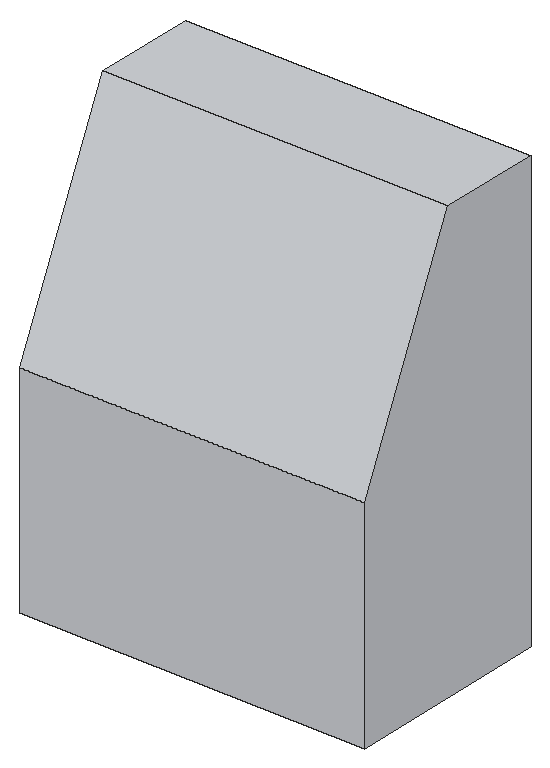
Revit family "01451-B", category Instalační zařizovací předměty, Revit 2016
Family settings
  Typ součásti = Normální
  Kóta kulaté spojky = Použít průměr
  Číslo OmniClass = 23.45.05.00
  Nadpis OmniClass = Sanitary Equipment
  Založené na pracovní rovině = Ne
  Vždy vertikální = Ano
  Ořezat dutým tvarem při načtení = Ne
  Sdílené = Ne
  Bod výpočtu místnosti = Ne
Parameters
  Warranty = "2"
  WIDTH = 253 mm
  WEIGHT = 3.90 kg
  Výrobce = "Nofer"
  Utility frequency = 0
  Surface finish = "Polish"
  Připojení ventilace = no
  Připojení odpadu = no
  Připojení HW = no
  Připojení CW = no
  Product URL link = "http://www.nofer.co.uk/en/collectives/handryers/bigflow/01451-B"
  Power supply = 0 V
  Power input = 2050 W
  Noise level = 60
  MATERIAL = none
  IP code = "IPX1"
  HEIGHT = 323 mm
  Electric class = "II"
  DEPTH = 152 mm
  Article number = "01451.B"
  Air temperature [°C] = 60 °C
  Air speed = 65.00 kg/m²
Reference planes
  plane 1 "Střed (vpředu/vzadu)": y = 0
  plane 2: z = 0
  plane 3 "Střed (vlevo/vpravo)": x = 0
  plane 4: z = 0
  plane 5: z = 323
  plane 6: y = -152
  plane 7: x = 126.5
  plane 8: x = -126.5
  plane 9: z = 161.5
  plane 10: y = -76
Forms (mm)
  Extrusion 1, solid, material <- "MATERIAL", detail levels medium+fine
    sketch origin (0, 0, 0) x (0, 1, 0) y (0, 0, 1)
      loop
        line (0, 323) -> (-76, 323) -> (-152, 161.5) -> (-152, 0) -> (0, 0) -> (0, 323)
    from -126.5 to 126.5
  Extrusion 2, solid, material <- "MATERIAL", detail levels coarse
    sketch origin (0, 0, 0) x (0, 1, 0) y (0, 0, 1)
      loop
        line (0, 323) -> (-152, 323) -> (-152, 0) -> (0, 0) -> (0, 323)
    from -126.5 to 126.5
Dimensions and locks
  equal spacing: plane 8, plane 3 "Střed (vlevo/vpravo)", plane 7
  "WIDTH": plane 8 to plane 7
  "DEPTH": plane 6 to plane 1 "Střed (vpředu/vzadu)"
  equal spacing: plane 5, plane 9, plane 4
  equal spacing: plane 1 "Střed (vpředu/vzadu)", plane 10, plane 6
  "DEPTH": plane 1 "Střed (vpředu/vzadu)" to plane 6
  "HEIGHT": plane 5 to level
  aligned and locked: level to plane 2
  aligned and locked: plane 5 to Extrusion 1 sketch curve
  aligned and locked: Extrusion 1 sketch curve to plane 1 "Střed (vpředu/vzadu)"
  aligned and locked: Extrusion 1 sketch curve to plane 4
  aligned and locked: Extrusion 1 sketch curve to plane 6
  aligned and locked: plane 10 to Extrusion 1 sketch curve
  aligned and locked: plane 9 to Extrusion 1 sketch curve
  aligned and locked: Extrusion 1 to plane 8
  aligned and locked: plane 7 to Extrusion 1
  aligned and locked: Extrusion 2 to plane 8
  aligned and locked: plane 7 to Extrusion 2
  aligned and locked: Extrusion 2 to level
Automatic sketch dimensions
  Extrusion 2 sketch curve to plane 5 = 0 mm
  Extrusion 2 sketch curve to plane 6 = 0 mm
  Extrusion 2 sketch curve to plane 1 "Střed (vpředu/vzadu)" = 0 mm
  level to Extrusion 2 sketch curve = 0 mm
